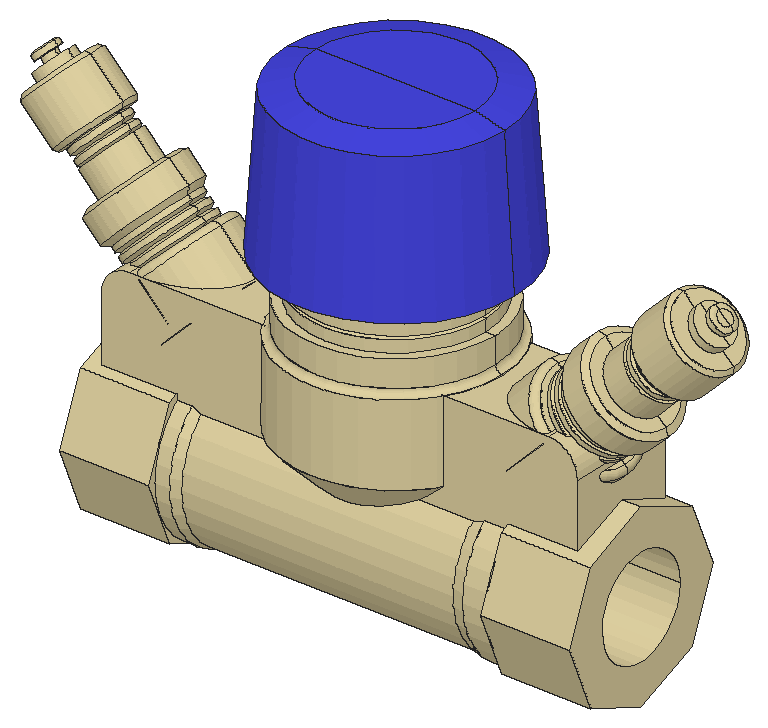
Revit family "DA03180000", category Apparecchi idraulici, Revit 2020
Family settings
  Quota connettore circolare = Usa diametro
  Tipo di parte = Normale
  Numero OmniClass = 23.45.00.00
  Titolo OmniClass = Sanitary, Laundry, and Cleaning Equipment
  Basato su piano di lavoro = No
  Sempre verticale = Sì
  Taglio con vuoti quando caricato = No
  Condiviso = No
  Punto di calcolo locali = No
Parameters
  URL = "https://web.cimberio.com/index.php/figura/1150?subcategoria_id=68"
  Temperatura di esercizio = "-10 ÷ 120°C"
  Prospetto di default = 0 mm
  Produttore = "CIMBERIO SPA"
  Pressione nominale = "PN 25"
  Modello = "Cim 788/4"
  Materiale = "Prodotto in lega di ottone “CR” – “DZR” conforme alla norma EN 12165-CW602N-M"
  Descrizione = "Utilizzato nei più svariati settori dell'impiantistica: impianti di riscaldamento, condizionamento, idrici, igienico-sanitari e in generale con ogni fluido non corrosivo"
  DN Model [instance] = DA03181015 : DA03181015
  DN [instance] = 15 mm
  Commenti sul tipo = "Realizzato in ottemperanza ai requisiti gestionali della norma EN ISO 9001.\r\nCollaudato al 100% secondo la normativa EN 12266-1"
Reference planes
  plane 1 "Centro (Fronte/Retro)": y = 0
  plane 2: z = 0
  plane 3 "Centro (Sinistra/Destra)": x = 0
Dimensions and locks
  aligned and locked: level to plane 2
Nested families
  nested 1: "DA03181015" at (0, 0, 0), type <- "DN Model", type "DA03181015"
  nested 2: "DA03181015" at (0, 0, 0), type <- "DN Model", type "DA03181015"
  nested 3: "DA03181015" at (0, 0, 0), type <- "DN Model", type "DA03181015"
Connectors
  piping at (-40, 0, 0), diameter 15, driven by "DN"
    settings: on nested 1, index 1, connector inside diameter 609.6 mm, connector length 0 mm, flow factor 0, pipe flow 0.0 L/s, pressure drop 0.0 Pa, fitting loss kfactor 0, connector angle 0.00°, fixture units 0, engagement length 0 mm, angle of deflection 0.00°, flow configuration 0, flow direction 0, fitting loss method 0, system type 7, joint type 0, gender type 0, connector reference index -1, connector utility 0, adjustable connector no, is connector primary yes, connector description ""
  piping at (37, 0, 0), diameter 15, driven by "DN"
    settings: on nested 1, index 2, connector inside diameter 609.6 mm, connector length 0 mm, flow factor 0, pipe flow 0.0 L/s, pressure drop 0.0 Pa, fitting loss kfactor 0, connector angle 0.00°, fixture units 0, engagement length 0 mm, angle of deflection 0.00°, flow configuration 0, flow direction 0, fitting loss method 0, system type 7, joint type 0, gender type 0, connector reference index -1, connector utility 0, adjustable connector no, is connector primary no, connector description ""
Definition of nested family "DA03181015"
  Parameters (values of type "DA03181015")
    URL = "https://web.cimberio.com/index.php/figura/1109?subcategoria_id=20"
    Temperatura di esercizio = "-10 ÷ 95°C"
    Default Elevation = 0 mm
    Manufacturer = "CIMBERIO SPA"
    Pressione nominale = "PN 16"
    Model = "Cim 683"
    Materiale = "Prodotto in lega di ottone conforme alla norma EN 12165-CW617N-DW"
    Description = "Utilizzato nei più svariati settori dell'impiantistica: impianti di riscaldamento, condizionamento, idrici, igienico-sanitari e in generale con ogni fluido non corrosivo.\r\nParticolarmente indicato come valvola  per la regolazione e contabilizzazione di impianti di riscaldamento singoli o a zone, impianti con utilizzazione di energie alternative, impianti con fluidi caldi o freddi e impianti di automazione in genere"
    DN [instance] = 15 mm
    Type Comments = "Realizzato in ottemperanza ai requisiti gestionali della norma EN ISO 9001.\r\nCollaudato al 100% secondo la normativa EN 12266-1"
  Reference planes
    plane 1 "Centro (Fronte/Retro)": y = 0
    plane 2: z = 0
    plane 3 "Centro (Sinistra/Destra)": x = 0
  Forms (mm)
    Revolve 1, solid
      sketch origin (-2.432, 0, 0) x (1, 0, 0) y (0, 0, 1)
        loop
          line (-24.154, -12.5) -> (-21.836, -12.5) -> (-20.434, -12) -> (20.566, -12) -> (22.432, -12.5) -> (26.018, -12.5) -> (26.018, -7.5) -> (-24.154, -7.5) -> (-24.154, -12.5)
        axis (-24.154, 0) -> (26.018, 0)
      angle from 0 to 360
    Extrusion 2, solid
      sketch origin (-2.432, 0, 0) x (0, 1, 0) y (0, 0, 1)
        loop
          circle (0, 0) r 7.5
        loop
          line (0, 13.5) -> (-9.546, 9.546) -> (-13.5, 0) -> (-9.546, -9.546) -> (0, -13.5) -> (9.546, -9.546) -> (13.5, 0) -> (9.546, 9.546) -> (0, 13.5)
      from -37.568 to -24.149
    Extrusion 3, solid
      sketch origin (-2.432, 0, 0) x (0, 1, 0) y (0, 0, -1)
        loop
          circle (0, 0) r 7.5
        loop
          line (0, -13.5) -> (9.546, -9.546) -> (13.5, 0) -> (9.546, 9.546) -> (0, 13.5) -> (-9.546, 9.546) -> (-13.5, 0) -> (-9.546, -9.546) -> (0, -13.5)
      from -39.432 to -26.018
    Revolve 4, solid
      sketch origin (-2.432, 0, 0) x (1, 0, 0) y (0, 0, 1)
        loop
          line (-18.698, 23.797) -> (-24.165, 29.264)
          arc (-24.165, 29.264) -> (-24.872, 29.557) -> (-25.579, 29.264) r 1
          line (-25.579, 29.264) -> (-26.597, 28.246) -> (-26.367, 29) -> (-26.932, 29.565) -> (-27.686, 29.335) -> (-27.455, 30.088) -> (-28.021, 30.654) -> (-28.774, 30.423) -> (-28.544, 31.177) -> (-29.109, 31.742) -> (-28.991, 33.038) -> (-31.74, 35.787) -> (-32.823, 35.456) -> (-34.065, 34.214) -> (-37.247, 37.396) -> (-37.881, 36.762) -> (-37.651, 37.515) -> (-38.216, 38.081) -> (-38.969, 37.85) -> (-38.739, 38.604) -> (-39.304, 39.169) -> (-40.077, 38.809) -> (-38.838, 40.048) -> (-38.936, 40.849) -> (-43.795, 45.707) -> (-44.636, 45.707) -> (-46.276, 44.067) -> (-47.265, 45.056) -> (-48.631, 43.689) -> (-49.352, 44.41) -> (-48.751, 45.011) -> (-49.311, 45.571)
          arc (-49.311, 45.571) -> (-49.684, 45.434) -> (-49.98, 45.168) r 1.048
          line (-49.98, 45.168) -> (-50.841, 44.308) -> (-24.514, 17.981) -> (-18.698, 23.797)
        axis (-24.514, 17.981) -> (-50.841, 44.308)
      angle from 0 to 360
    Revolve 5, solid
      sketch origin (-1.205, 0, -0.708) x (-1, 0, 0) y (0, 0, 1)
        loop
          line (-18.698, 23.797) -> (-24.165, 29.264)
          arc (-24.165, 29.264) -> (-24.872, 29.557) -> (-25.579, 29.264) r 1
          line (-25.579, 29.264) -> (-26.597, 28.246) -> (-26.367, 29) -> (-26.932, 29.565) -> (-27.686, 29.335) -> (-27.455, 30.088) -> (-28.021, 30.654) -> (-28.774, 30.423) -> (-28.544, 31.177) -> (-29.109, 31.742) -> (-28.991, 33.038) -> (-31.74, 35.787) -> (-32.823, 35.456) -> (-34.065, 34.214) -> (-37.247, 37.396) -> (-37.881, 36.762) -> (-37.651, 37.515) -> (-38.216, 38.081) -> (-38.969, 37.85) -> (-38.739, 38.604) -> (-39.304, 39.169) -> (-40.077, 38.809) -> (-38.838, 40.048) -> (-38.936, 40.849) -> (-43.795, 45.707) -> (-44.636, 45.707) -> (-46.276, 44.067) -> (-47.265, 45.056) -> (-48.631, 43.689) -> (-49.352, 44.41) -> (-48.751, 45.011) -> (-49.311, 45.571)
          arc (-49.311, 45.571) -> (-49.684, 45.434) -> (-49.98, 45.168) r 1.048
          line (-49.98, 45.168) -> (-50.841, 44.308) -> (-24.514, 17.981) -> (-18.698, 23.797)
        axis (-24.514, 17.981) -> (-50.841, 44.308)
      angle from 0 to 360
    Extrusion 6, solid
      sketch origin (-2.432, 0, 0) x (1, 0, 0) y (0, 0, 1)
        loop
          line (-35.568, 7.149) -> (36.432, 7.149) -> (36.432, 19.651)
          arc (36.432, 19.651) -> (35.158, 22.726) -> (32.083, 24) r 4.349
          line (32.083, 24) -> (-31.298, 24)
          arc (-31.298, 24) -> (-34.317, 22.749) -> (-35.568, 19.73) r 4.27
          line (-35.568, 19.73) -> (-35.568, 7.149)
      from -8.237 to 8.231
    Revolve 7, solid
      sketch origin (-2.432, 0, 0) x (1, 0, 0) y (0, 0, 1)
        loop
          line (-13.568, 24) -> (-13.568, 11.735) -> (-6.066, 4.233) -> (2.432, 4.233) -> (2.432, 36.367) -> (-12.568, 36.367) -> (-12.568, 34.5) -> (-11.068, 33) -> (-11.068, 31.25) -> (-10.288, 30.989) -> (-11.068, 30.75) -> (-11.068, 29) -> (-12.531, 29) -> (-12.568, 25)
          arc (-12.568, 25) -> (-12.861, 24.293) -> (-13.568, 24) r 1
        axis (2.432, 36.367) -> (2.432, 4.233)
      angle from 0 to 360
    Revolve 8, solid
      sketch origin (-2.432, 0, 0) x (1, 0, 0) y (0, 0, 1)
        loop
          line (14.417, 58.4) -> (2.432, 58.4) -> (2.432, 40.064) -> (11.107, 40.064) -> (11.107, 35.4) -> (20.393, 35.4) -> (18.874, 57.2) -> (14.417, 58.4)
        axis (2.432, 35.4) -> (2.432, 58.4)
      angle from 0 to 360
  Cuts and joins
    joined: Extrusion 2, Extrusion 3, Extrusion 6
  Dimensions and locks
    aligned and locked: level to plane 2
